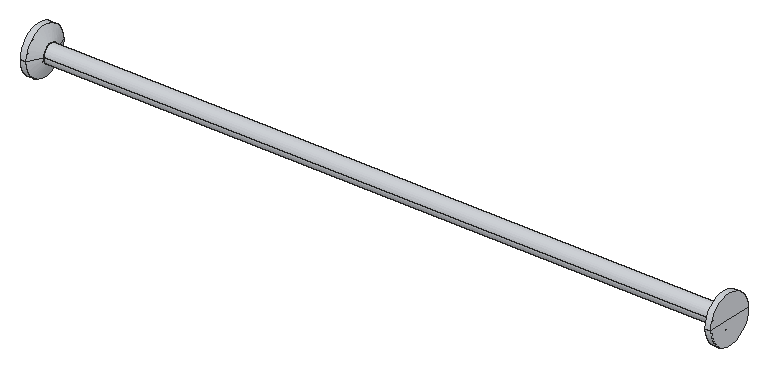
Revit family
Parameters
  Weight Limit = 0
  Warranty Duration (Years) = 0
  Unit Weight = 0
  Unit Length = 4' - 0"
  URL = "http://www.pontegiulio.com"
  Trim Radius = 0' - 1 5/8"
  Specification = "http://www.arcat.com/sd/clients/pontegiu.html?coid=43483"
  Send Message = "http://www.arcat.com/users.pl?action=UserEmail&company=Ponte%20Giulio&coid=43483&rep=132&fax=877-766-8306&mf="
  Sales Information = "http://www.pontegiulio.it/us/info.php"
  Revision = "R1_01-2010"
  Product Properties = "http://www.pgdb.it/schede/us/G02JRSxx08_us.pdf"
  Product Data = "http://www.arcat.com/arcatcos/cos43/arc43483.html"
  Model = "Grab Bar as Specified in 10 28 13"
  Manufacturer's Notes = ""
  Manufacturer Website = "http://www.pontegiulio.com"
  Manufacturer Phone - Toll Free = "877-766-8301 "
  Manufacturer Fax = "877-766-8306"
  Manufacturer Address = "W241 S4021 Rockwood Circle, Waukesha, WI 53189"
  Manufacturer = "Ponte Giulio"
  Maintenance Schedule (Months) = 0
  Keynote = "10 28 13"
  Installation-Fabrication = ""
  Installation Phase = ""
  Green Building-LEED = "http://www.arcat.com/green/clients/leed_data_43483.html"
  Expected Lifespan (Years) = 0
  Drawn By = "Robert S. Weygant, CSI, CDT, SCIP"
  Diameter = 0' - 1 1/4"
  Description = "Grab Bar as Specified in 10 28 13"
  Default Elevation = 2' - 0"
  Copyright = "2010 ARCAT, Inc"
  Construction Details = ""
  Building Codes = ""
  Bath Fixture Material [instance] = none
  Assembly Code = "C1030200"
  AK_Hooks Provided = "14"
Reference planes (in)
  plane 1 "Center (Front/Back)": y = 0
  plane 2: z = 0
  plane 3 "Center (Left/Right)": x = 0
  plane 4 "Center Elevation": z = 24
  plane 5: x = -48
Forms (in)
  Revolve 1, solid, material <- "Bath Fixture Material"
    sketch origin (0, 0, 24) x (0, -1, 0) y (1, 0, 0)
      loop
        line (0, 0) -> (0, -0.8125) -> (0.625, -0.8125) -> (1.625, -0.40625) -> (1.625, 0) -> (0, 0)
      axis (0, -0.8125) -> (0, 0)
    angle from 0 to 360
  Revolve 2, solid, material <- "Bath Fixture Material"
    sketch origin (-27.37651, 0, 24) x (0, 1, 0) y (-1, 0, 0)
      loop
        line (0, 20.62349) -> (0, 19.81099) -> (0.625, 19.81099) -> (1.625, 20.21724) -> (1.625, 20.62349) -> (0, 20.62349)
      axis (0, 19.81099) -> (0, 20.62349)
    angle from 0 to 360
  Extrusion 3, solid, material <- "Bath Fixture Material"
    sketch origin (0, 0, 0) x (0, 1, 0) y (0, 0, 1)
      loop
        circle (0, 24) r 0.625
    from 0 to -48
Dimensions and locks (in)
  "Default Elevation": plane 4 "Center Elevation" to level
  "Unit Length": plane 5 to plane 3 "Center (Left/Right)"
  aligned and locked: Revolve 1 sketch curve to plane 3 "Center (Left/Right)"
  aligned and locked: Revolve 1 sketch curve to plane 1 "Center (Front/Back)"
  aligned and locked: Revolve 2 sketch curve to plane 5
  aligned and locked: plane 1 "Center (Front/Back)" to Revolve 2 sketch curve
  aligned and locked: Extrusion 3 to Revolve 2
  aligned and locked: plane 5 to Extrusion 3
  aligned and locked: plane 3 "Center (Left/Right)" to Extrusion 3
  aligned and locked: Revolve 1 to Extrusion 3
Automatic sketch dimensions
  Revolve 1 sketch curve to plane 1 "Center (Front/Back)" = 0' - 0"
  plane 1 "Center (Front/Back)" to Revolve 1 sketch curve = 0' - 0 5/8"
  Revolve 1 sketch curve to plane 3 "Center (Left/Right)" = 0' - 0 13/32"
  Revolve 1 sketch curve to Revolve 1 sketch curve = 0' - 1"
  Revolve 1 sketch curve to plane 3 "Center (Left/Right)" = 0' - 0 13/16"
  Revolve 1 sketch curve to Revolve 1 sketch curve = 8' - 5.84382"
  Revolve 1 sketch curve to Revolve 1 sketch curve = 2' - 0"
  Revolve 2 sketch curve to plane 1 "Center (Front/Back)" = 0' - 0"
  Revolve 2 sketch curve to plane 1 "Center (Front/Back)" = 0' - 0 5/8"
  Revolve 2 sketch curve to plane 5 = 0' - 0 13/32"
  Revolve 2 sketch curve to Revolve 2 sketch curve = 0' - 1"
  Revolve 2 sketch curve to plane 5 = 0' - 0 13/16"
  plane 3 "Center (Left/Right)" to Revolve 2 sketch curve = 6' - 3.27981"
  Revolve 2 sketch curve to Revolve 2 sketch curve = 2' - 0"
  Extrusion 3 sketch curve to plane 1 "Center (Front/Back)" = 0' - 0"
  Extrusion 3 sketch curve to plane 4 "Center Elevation" = 0' - 0"
  radius of Extrusion 3 sketch curve = 0' - 0 5/8"
